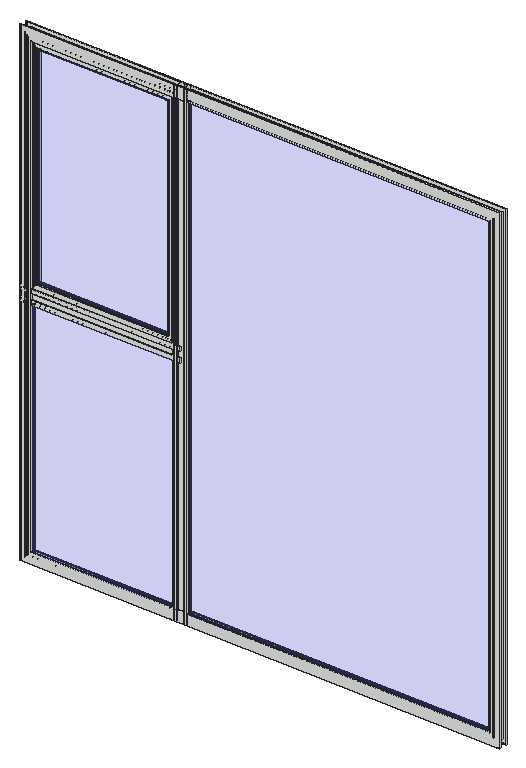
Revit family "WAL_A3-Classic-Side-Hung-1800x1800-PS1818R", category Windows, host Wall, Revit 2016
Family settings
  Host = Wall
  Always vertical = Yes
  Cut with Voids When Loaded = No
  Shared = No
  Room Calculation Point = No
Parameters (values of type "1800 x 1800 PS1818R Classic Side Hung")
  URL = "www.agi.co.za"
  Trim Material = Metal - Aluminium
  Model = "Top Hung"
  Manufacturer Code = "PS1818R"
  Manufacturer = "AGI Aluminium"
  Height = 1800 mm
  Glass Material = Glass
  Frame Material = Metal - Aluminium
  Description = "Classic Side Hung"
  Default Sill Height = 800 mm
  Wall Closure = By host
  Width = 1800 mm
  Assembly Code = "B2020110"
Reference planes
  plane 1 "Center": y = 0
  plane 2 "Center (Left/Right)": x = 0
  plane 3 "Left": x = -900
  plane 4 "Right": x = 900
  plane 5 "Sill": z = 800
  plane 6 "Head": z = 2600
  plane 7 "Exterior": y = 75
  plane 8 "Interior": y = -75
  plane 9: z = 2602
  plane 10: x = 902
  plane 11: x = -902
  plane 12: z = 798
  plane 13: z = 2564
  plane 14: z = 813.9
  plane 15: x = 886.1
  plane 16: x = -864
  plane 17: z = 1700
  plane 18: z = 1722
  plane 19: z = 1684
  plane 20: x = -300
  plane 21: x = -322
  plane 22: x = -284
  plane 23: z = 2586.1
  plane 24: x = -886.1
Forms (mm)
  Sweep 1, solid, material "Metal - Aluminium", detail levels medium+fine
    path origin (0, 0, 0) x (1, 0, 0) y (0, 0, 1)
      loop
        line (900, 2600) -> (-900, 2600) -> (-900, 800) -> (900, 800) -> (900, 2600)
    profile "Frame : Frame" origin (0, 0, 2600) x (0, 0, -1) y (0, -1, 0)
      loop
        line (0, -30) -> (28, -30) -> (28, -29) -> (26, -29) -> (26, -1) -> (28, -1) -> (28, -7) -> (29, -7) -> (29, -1) -> (37, -1) -> (37, -3.645) -> (38, -3.645) -> (38, -1) -> (40, -1) -> (40, -3.645) -> (41, -3.645) -> (41, 0) -> (0, 0) -> (0, -2) -> (1, -2) -> (1, -1) -> (15.005, -1) -> (15.005, -4) -> (16.005, -4) -> (16.005, -1) -> (25, -1) -> (25, -29) -> (16.005, -29) -> (16.005, -26) -> (15.005, -26) -> (15.005, -29) -> (1, -29) -> (1, -28) -> (0, -28) -> (0, -30)
  Sweep 2, solid, material "Metal - Aluminium", detail levels medium+fine
    path origin (0, 0, 0) x (1, 0, 0) y (0, 0, 1)
      loop
        line (-300, 2600) -> (-300, 800)
    profile "30 x 50 Center Divide : 30 x 50 Center Divide" origin (-300, 0, 1700) x (1, 0, 0) y (0, -1, 0)
      loop
        line (-11, -5) -> (-11, -29) -> (11, -29) -> (11, -5) -> (-11, -5)
      loop
        line (-27.011, 0) -> (-27.011, -3.245) -> (-26.011, -3.245) -> (-26.011, -1) -> (-24.011, -1) -> (-24.011, -3.245) -> (-23.011, -3.245) -> (-23.011, -1) -> (-15.011, -1) -> (-15.011, -6.6) -> (-14.011, -6.6) -> (-14.011, -1) -> (-13.142, -1) -> (-12, -5.263) -> (-12, -29) -> (-14, -29) -> (-14, -30) -> (14, -30) -> (14, -29) -> (12, -29) -> (12, -5.263) -> (13.142, -1) -> (14, -1) -> (14, -7) -> (15, -7) -> (15, -1) -> (23, -1) -> (23, -3.645) -> (24, -3.645) -> (24, -1) -> (26, -1) -> (26, -3.645) -> (27, -3.645) -> (27, 0) -> (12.375, 0) -> (11.303, -4) -> (-11.303, -4) -> (-12.375, 0) -> (-27.011, 0)
  Sweep 3, solid, material "Metal - Aluminium", detail levels medium+fine
    path origin (0, 0, 0) x (1, 0, 0) y (0, 0, 1)
      loop
        line (-300, 1700) -> (-900, 1700)
    profile "30 x 50 Center Divide : 30 x 50 Center Divide" origin (-600, 0, 1700) x (0, 0, -1) y (0, -1, 0)
      loop
        line (-11, -5) -> (-11, -29) -> (11, -29) -> (11, -5) -> (-11, -5)
      loop
        line (-27.011, 0) -> (-27.011, -3.245) -> (-26.011, -3.245) -> (-26.011, -1) -> (-24.011, -1) -> (-24.011, -3.245) -> (-23.011, -3.245) -> (-23.011, -1) -> (-15.011, -1) -> (-15.011, -6.6) -> (-14.011, -6.6) -> (-14.011, -1) -> (-13.142, -1) -> (-12, -5.263) -> (-12, -29) -> (-14, -29) -> (-14, -30) -> (14, -30) -> (14, -29) -> (12, -29) -> (12, -5.263) -> (13.142, -1) -> (14, -1) -> (14, -7) -> (15, -7) -> (15, -1) -> (23, -1) -> (23, -3.645) -> (24, -3.645) -> (24, -1) -> (26, -1) -> (26, -3.645) -> (27, -3.645) -> (27, 0) -> (12.375, 0) -> (11.303, -4) -> (-11.303, -4) -> (-12.375, 0) -> (-27.011, 0)
  Sweep 4, solid, material "Metal - Aluminium", detail levels medium+fine
    path origin (0, 0, 0) x (1, 0, 0) y (0, 0, 1)
      loop
        line (-284, 2602) -> (-902, 2602) -> (-902, 1684) -> (-284, 1684) -> (-284, 2602)
    profile "Casement : Casement" origin (-593, 0, 2602) x (0, 0, -1) y (0, -1, 0)
      loop
        line (40, -4.645) -> (40, -32.645) -> (49, -32.645) -> (49, -4.645) -> (40, -4.645)
      loop
        line (65, -3.645) -> (37, -3.645) -> (37, -4.645) -> (39, -4.645) -> (39, -32.645) -> (37, -32.645) -> (37, -26.645) -> (36, -26.645) -> (36, -32.645) -> (28, -32.645) -> (28, -30) -> (27, -30) -> (27, -32.645) -> (25, -32.645) -> (25, -30) -> (24, -30) -> (24, -33.645) -> (50, -33.645) -> (50, -4.645) -> (52, -4.645) -> (52, -10.645) -> (53, -10.645) -> (53, -4.645) -> (61, -4.645) -> (61, -7.289) -> (62, -7.289) -> (62, -4.645) -> (64, -4.645) -> (64, -7.289) -> (65, -7.289) -> (65, -3.645)
  Sweep 5, solid, material "Metal - Aluminium" <- "Trim Material", detail levels medium+fine
    path origin (0, 0, 0) x (1, 0, 0) y (0, 0, 1)
      loop
        line (886.1, 2586.1) -> (-300, 2586.1) -> (-300, 813.9) -> (886.1, 813.9) -> (886.1, 2586.1)
    profile "Trim : Trim" origin (293.05, 0, 2586.1) x (0, 0, -1) y (0, -1, 0)
      loop
        line (24.555, -1.643) -> (24.555, -4.05)
        arc (24.555, -4.05) -> (23.436, -4.753) -> (23, -6) r 2
        line (23, -6) -> (27, -6)
        arc (27, -6) -> (26.552, -4.739) -> (25.41, -4.042) r 2
        line (25.41, -4.042) -> (25.41, -1.643) -> (24.555, -1.643)
      loop
        line (14, -29) -> (29, -14) -> (29, -12.474) -> (26.323, -12.474)
        arc (26.323, -12.474) -> (26.823, -11.797) -> (27, -10.974) r 2
        line (27, -10.974) -> (23, -10.974)
        arc (23, -10.974) -> (23.177, -11.797) -> (23.677, -12.474) r 2
        line (23.677, -12.474) -> (13.467, -12.474) -> (13.467, -4) -> (12.5, -4) -> (12.5, -13.474) -> (20.535, -13.474) -> (24.323, -17.263) -> (12.586, -29) -> (14, -29)
  Sweep 6, solid, material "Metal - Aluminium", detail levels medium+fine
    path origin (0, 0, 0) x (1, 0, 0) y (0, 0, 1)
      loop
        line (-300, 1700) -> (-886.1, 1700) -> (-886.1, 813.9) -> (-300, 813.9) -> (-300, 1700)
    profile "Trim : Trim" origin (-593.05, 0, 1700) x (0, 0, -1) y (0, -1, 0)
      loop
        line (24.555, -1.643) -> (24.555, -4.05)
        arc (24.555, -4.05) -> (23.436, -4.753) -> (23, -6) r 2
        line (23, -6) -> (27, -6)
        arc (27, -6) -> (26.552, -4.739) -> (25.41, -4.042) r 2
        line (25.41, -4.042) -> (25.41, -1.643) -> (24.555, -1.643)
      loop
        line (14, -29) -> (29, -14) -> (29, -12.474) -> (26.323, -12.474)
        arc (26.323, -12.474) -> (26.823, -11.797) -> (27, -10.974) r 2
        line (27, -10.974) -> (23, -10.974)
        arc (23, -10.974) -> (23.177, -11.797) -> (23.677, -12.474) r 2
        line (23.677, -12.474) -> (13.467, -12.474) -> (13.467, -4) -> (12.5, -4) -> (12.5, -13.474) -> (20.535, -13.474) -> (24.323, -17.263) -> (12.586, -29) -> (14, -29)
  Sweep 7, solid, material "Metal - Aluminium", detail levels medium+fine
    path origin (0, 0, 0) x (1, 0, 0) y (0, 0, 1)
      loop
        line (-322, 2564) -> (-864, 2564) -> (-864, 1722) -> (-322, 1722) -> (-322, 2564)
    profile "Trim : Trim" origin (-593, 0, 2564) x (0, 0, -1) y (0, -1, 0)
      loop
        line (24.555, -1.643) -> (24.555, -4.05)
        arc (24.555, -4.05) -> (23.436, -4.753) -> (23, -6) r 2
        line (23, -6) -> (27, -6)
        arc (27, -6) -> (26.552, -4.739) -> (25.41, -4.042) r 2
        line (25.41, -4.042) -> (25.41, -1.643) -> (24.555, -1.643)
      loop
        line (14, -29) -> (29, -14) -> (29, -12.474) -> (26.323, -12.474)
        arc (26.323, -12.474) -> (26.823, -11.797) -> (27, -10.974) r 2
        line (27, -10.974) -> (23, -10.974)
        arc (23, -10.974) -> (23.177, -11.797) -> (23.677, -12.474) r 2
        line (23.677, -12.474) -> (13.467, -12.474) -> (13.467, -4) -> (12.5, -4) -> (12.5, -13.474) -> (20.535, -13.474) -> (24.323, -17.263) -> (12.586, -29) -> (14, -29)
  Extrusion 8, solid, material "Glass", detail levels medium+fine
    sketch origin (0, 0, 0) x (1, 0, 0) y (0, 1, 0)
      loop
        line (-863.118, 10.974) -> (-863.118, 6) -> (-323, 6) -> (-323, 10.974) -> (-863.118, 10.974)
    from 836.9 to 1677
  Extrusion 9, solid, material "Glass", detail levels medium+fine
    sketch origin (0, 0, 0) x (1, 0, 0) y (0, 1, 0)
      loop
        line (-277.018, 10.974) -> (-277.018, 6) -> (863.1, 6) -> (863.1, 10.974) -> (-277.018, 10.974)
    from 836.9 to 2563.1
  Extrusion 10, solid, material "Glass", detail levels medium+fine
    sketch origin (0, 0, 0) x (1, 0, 0) y (0, 1, 0)
      loop
        line (-841.018, 10.974) -> (-841.018, 6) -> (-345, 6) -> (-345, 10.974) -> (-841.018, 10.974)
    from 1745 to 2541
Cuts and joins
  joined: Sweep 1, Sweep 2, Sweep 3
Lines and regions (mm)
  Opening 1
    outline origin (3500, -75, 0) x (1, 0, 0) y (0, 0, 1)
      loop
        line (-2600, 800) -> (-2600, 2600) -> (-4400, 2600) -> (-4400, 800) -> (-2600, 800)
  symbolic lines, style "Elevation Swing"
    curve 1: line (-878, 0, 2578) -> (-308, 0, 2143)
    curve 2: line (-308, 0, 2143) -> (-877, 0, 1709)
Text (mm)
  text "EXTERIOR" at (-1963.203, 1332.353, 0), in view "Ref. Level"
  text "INTERIOR" at (-1981.466, -818.386, 0), in view "Ref. Level"
  text "Exterior" at (0, 923.751, 2943.296), in view "Right"
  text "Exterior" at (0, 1040.484, 2685.409), in view "Left"
Dimensions and locks
  equal spacing: plane 3 "Left", plane 2 "Center (Left/Right)", plane 4 "Right"
  "Width": plane 3 "Left" to plane 4 "Right"
  "Height": plane 5 "Sill" to plane 6 "Head"
  "Default Sill Height": plane 5 "Sill" to level
  locked: plane 7 "Exterior" to host wall at 0
  locked: plane 8 "Interior" to host wall
  locked: plane 12 to plane 5 "Sill" at 2
  locked: plane 6 "Head" to plane 9 at 2
  locked: plane 4 "Right" to plane 10 at 2
  locked: plane 11 to plane 3 "Left" at 2
  locked: plane 15 to plane 4 "Right" at 13.9
  locked: plane 3 "Left" to plane 16 at 36
  locked: plane 5 "Sill" to plane 14 at 13.9
  locked: plane 13 to plane 6 "Head" at 36
  equal spacing: plane 5 "Sill", plane 17, plane 6 "Head"
  locked: plane 19 to plane 17 at 16
  locked: plane 17 to plane 18 at 22
  locked: plane 3 "Left" to plane 20 at 600
  locked: plane 21 to plane 20 at 22
  locked: plane 20 to plane 22 at 16
  locked: plane 24 to plane 3 "Left" at 13.9
  locked: plane 23 to plane 6 "Head" at 13.9
  aligned and locked: host wall to Sweep 1 sketch curve
  aligned and locked: Sweep 1 sketch curve to host wall  (x3)
  aligned and locked: plane 5 "Sill" to Sweep 2 sketch curve
  aligned and locked: plane 6 "Head" to Sweep 2 sketch curve
  aligned and locked: Sweep 2 sketch curve to plane 20
  aligned and locked: plane 20 to Sweep 3 sketch curve
  aligned and locked: plane 3 "Left" to Sweep 3 sketch curve
  aligned and locked: Sweep 3 sketch curve to plane 17
  aligned and locked: Sweep 4 sketch curve to plane 9
  aligned and locked: plane 19 to Sweep 4 sketch curve
  aligned and locked: plane 22 to Sweep 4 sketch curve
  aligned and locked: Sweep 4 sketch curve to plane 11
  aligned and locked: plane 14 to Sweep 5 sketch curve
  aligned and locked: plane 15 to Sweep 5 sketch curve
  aligned and locked: plane 23 to Sweep 5 sketch curve
  aligned and locked: Sweep 5 sketch curve to plane 20
  aligned and locked: plane 14 to Sweep 6 sketch curve
  aligned and locked: plane 20 to Sweep 6 sketch curve
  aligned and locked: Sweep 6 sketch curve to plane 17
  aligned and locked: Sweep 6 sketch curve to plane 24
  aligned and locked: plane 18 to Sweep 7 sketch curve
  aligned and locked: Sweep 7 sketch curve to plane 16
  aligned and locked: Sweep 7 sketch curve to plane 21
  aligned and locked: Sweep 7 sketch curve to plane 13
  aligned and locked: Sweep 6 to Extrusion 8 sketch curve  (x2)
  aligned and locked: Extrusion 8 sketch curve to Sweep 6  (x2)
  aligned and locked: Extrusion 8 to Sweep 5
  aligned and locked: Extrusion 8 to Sweep 6
  aligned and locked: Sweep 5 to Extrusion 9 sketch curve  (x2)
  aligned and locked: Extrusion 9 sketch curve to Sweep 5  (x2)
  aligned and locked: Extrusion 9 to Sweep 5  (x2)
  aligned and locked: Sweep 7 to Extrusion 10 sketch curve  (x2)
  aligned and locked: Extrusion 10 sketch curve to Sweep 7  (x2)
  aligned and locked: Extrusion 10 to Sweep 7  (x2)
Automatic sketch dimensions
  Opening 1 sketch curve to plane 3 "Left" = 0 mm
  Opening 1 sketch curve to plane 4 "Right" = 0 mm
  Opening 1 sketch curve to plane 5 "Sill" = 0 mm
  Opening 1 sketch curve to plane 6 "Head" = 0 mm
  plane 24 to curve 1 = 8.1 mm
  plane 24 to curve 2 = 9.1 mm
  plane 20 to curve 2 = 8 mm
  plane 17 to curve 2 = 9 mm
  curve 2 to plane 13 = 421 mm
  plane 23 to curve 1 = 8.1 mm
